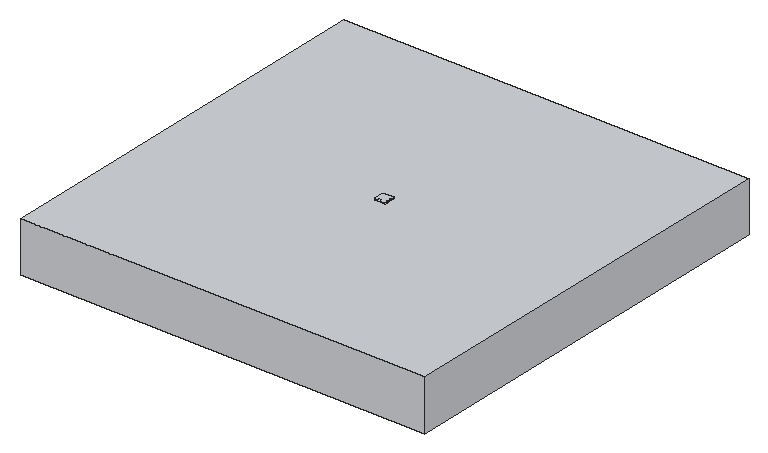
Revit family "Gira_540800rfa", category Allgemeines Modell, Revit 2017
Family settings
  Basisbauteil = Fläche
  Kann Basisbauteil für Bewehrung sein = Nein
  Bemaßung runder Anschluss = Durchmesser verwenden
  Teiletyp = Normal
  Beim Laden mit Abzugskörper schneiden = Nein
  Gemeinsam genutzt = Nein
  Raumberechnungspunkt = Nein
Parameters
  With memory function = no
  With glass breaking detector connection = no
  With brightness sensor connection = no
  With N-busbar = no
  With Astro program = no
  Default Elevation = 1219.2 mm
  URL = "https://www.gira.de/"
  Typname = "S3000 aux.ins. 2-wire Insert"
  Type of load = "Universal"
  Type of fastening = "Mounting with claw and screw"
  Transparent = no
  Through loss at 860 MHz [B] = 0.1
  Through loss at 2150 MHz [B] = 0.1
  Temperature [Kelvin] = "[5:45]"
  Switch-off protection = no
  Surface protection = "Other"
  Surface finishing = "Not applicable"
  Suitable for wire wound low voltage transformer = yes
  Suitable for wind sensor = no
  Suitable for staircase time switch = no
  Suitable for rain sensor = no
  Suitable for fluorescent tube/energy-saving lamp = yes
  Suitable for electronic low voltage transformer = yes
  Suitable for degree of protection (IP) = "IP20"
  Suitable for 230 V incandescent lamp/halogen lamp = yes
  Substation input = yes
  Shielded housing = no
  Shielded buses = yes
  Serial dimmer = no
  Separate strain relief = yes
  Random generator = no
  Productwebsite = "http://katalog.gira.de/en/datenblatt.html?artikelnr=540800"
  Only suitable as substation = no
  Nominal voltage [Volt] 3 = "[230:230]"
  Nominal voltage [Volt] 2 = "[230:230]"
  Nominal voltage [Volt] = 230
  Mounting method shielding connection = "Screw"
  Mounting method = "Flush mounted (plaster)"
  Model = "Auxiliary post"
  Min. depth of built-in installation box [m] = 0.024
  Method of operation = "Turn/push button"
  Mechanical coding = no
  Max. switching power [Voltampere] = 1000
  Material quality = "Other"
  Material = "Other"
  Light value memory = no
  Integrated timer = no
  Input for substation = no
  Hersteller = "Gira"
  Halogen free = no
  HAN = "540800"
  GTIN = "4010337048312"
  Frequency [Hz] = "[50:60]"
  Forced switch off = no
  Dimming phase cut-on = yes
  Dimming phase cut-off = yes
  Degree of protection (IP) = "IP20"
  Data sheet = "https://katalog.gira.de/en/download.html?artikelnr=540800"
  Connection type = "Screwed terminal"
  Colour = "Other"
  Category = "Other"
  Beschreibung = "S3000 aux.ins.2-w Ins.,System 3000 auxiliary insert, 2-wire,,,Features:,- Auxiliary unit operation of inserts with auxiliary input from System 3000.,- Operation with System 3000 operating top unit."
  BIM = "https://media.stage.bim.site/public/gira/290f3eb/Einsatz_1fach.rfa"
  Assembly arrangement = "Basic element"
  Applicable with transmission button = no
  Applicable with time switch/timer = no
  Applicable with presence indicator = yes
  Applicable with movement sensor = yes
  Applicable with infrared button = no
  Applicable with button = yes
  App control via Bluetooth = no
Reference planes
  plane 1 "Center (Front/Back)": y = 0
  plane 2: z = 0
  plane 3 "Center (Left/Right)": x = 0
Forms (mm)
  Extrusion 1, solid
    sketch origin (0, 0, 0) x (1, 0, 0) y (0, 1, 0)
      loop
        line (-1219.2, 1219.2) -> (-1219.2, -1219.2) -> (1219.2, -1219.2) -> (1219.2, 1219.2) -> (-1219.2, 1219.2)
    from 0 to -304.8
  Extrusion 2, solid, detail levels fine
    sketch origin (0, 0, 0) x (1, 0, 0) y (0, 1, 0)
      loop
        line (27.475, 35.475) -> (-27.475, 35.475)
        arc (-27.475, 35.475) -> (-33.132, 33.132) -> (-35.475, 27.475) r 8
        line (-35.475, 27.475) -> (-35.475, -27.475)
        arc (-35.475, -27.475) -> (-33.132, -33.132) -> (-27.475, -35.475) r 8
        line (-27.475, -35.475) -> (27.475, -35.475)
        arc (27.475, -35.475) -> (33.132, -33.132) -> (35.475, -27.475) r 8
        line (35.475, -27.475) -> (35.475, 27.475)
        arc (35.475, 27.475) -> (33.132, 33.132) -> (27.475, 35.475) r 8
    from 0 to 1.8
  Extrusion 3, solid, detail levels fine
    sketch origin (0, 0, 0) x (1, 0, 0) y (0, 1, 0)
      loop
        line (9.678, 25.4) -> (-9.678, 25.4)
        arc (-9.678, 25.4) -> (-12.885, 24.922) -> (-15.814, 23.53) r 11
        arc (-15.814, 23.53) -> (-17.795, 22.07) -> (-19.641, 20.444) r 28.35
        arc (-19.641, 20.444) -> (-21.339, 18.665) -> (-22.876, 16.745) r 28.35
        arc (-22.876, 16.745) -> (-24.456, 13.666) -> (-25, 10.248) r 11
        line (-25, 10.248) -> (-25, -10.248)
        arc (-25, -10.248) -> (-24.456, -13.666) -> (-22.876, -16.745) r 11
        arc (-22.876, -16.745) -> (-20.409, -19.677) -> (-17.569, -22.25) r 28.35
        line (-17.569, -22.25) -> (17.569, -22.25)
        arc (17.569, -22.25) -> (20.409, -19.677) -> (22.876, -16.745) r 28.35
        arc (22.876, -16.745) -> (24.456, -13.666) -> (25, -10.248) r 11
        line (25, -10.248) -> (25, 10.248)
        arc (25, 10.248) -> (24.456, 13.666) -> (22.876, 16.745) r 11
        arc (22.876, 16.745) -> (21.593, 18.37) -> (20.195, 19.897) r 28.35
        arc (20.195, 19.897) -> (18.096, 21.823) -> (15.814, 23.53) r 28.35
        arc (15.814, 23.53) -> (12.885, 24.922) -> (9.678, 25.4) r 11
    from 0 to -22
  Extrusion 4, solid, detail levels medium
    sketch origin (0, 0, 0) x (1, 0, 0) y (0, 1, 0)
      loop
        line (-25, 25.4) -> (-25, -22.25) -> (25, -22.25) -> (25, 25.4) -> (-25, 25.4)
    from 0 to -22
  Extrusion 5, solid, detail levels coarse
    sketch origin (0, 0, 0) x (1, 0, 0) y (0, 1, 0)
      loop
        line (35.475, 35.475) -> (-35.475, 35.475) -> (-35.475, -35.475) -> (35.475, -35.475) -> (35.475, 35.475)
    from -22 to 1.8
  Extrusion 6, solid, detail levels medium
    sketch origin (0, 0, 0) x (1, 0, 0) y (0, 1, 0)
      loop
        line (35.475, 35.475) -> (-35.475, 35.475) -> (-35.475, -35.475) -> (35.475, -35.475) -> (35.475, 35.475)
    from 0 to 1.8
Dimensions and locks
  aligned and locked: plane 2 to Extrusion 1
  aligned and locked: level to Extrusion 1
Connectors
  electrical at (0, 0, -22)
    settings: on Extrusion 5, index 1, voltage 220 V, apparent load 0 VA, apparent load phase1 0 VA, apparent load phase2 0 VA, apparent load phase3 0 VA, power factor 1, load classification "Other", number of poles 1, system type 30, power factor state 1, is connector primary yes, connector utility no, sub classification motor no, connector description ""
